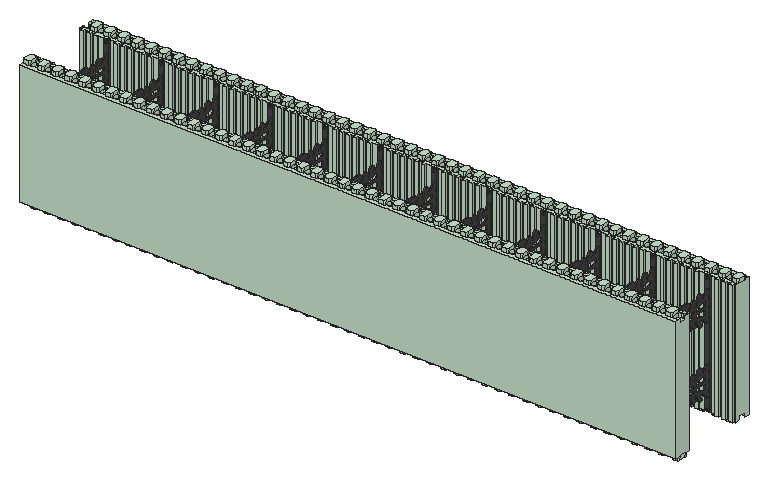
Revit family (continued)
Forms (mm)
  Extrusion 107, void
    sketch origin (508, 0.026, 0) x (-1, 0, 0) y (0, -1, 0)
      loop
        line (50.8, 151.814) -> (50.8, 175.211)
        arc (50.8, 175.211) -> (49.585, 178.947) -> (46.404, 181.253) r 6.35
        arc (46.404, 181.253) -> (38.1, 182.563) -> (29.796, 181.253) r 26.987
        arc (29.796, 181.253) -> (26.615, 178.947) -> (25.4, 175.211) r 6.35
    from 0 to 12.7
  Extrusion 108, void
    sketch origin (558.8, 0.026, 0) x (-1, 0, 0) y (0, -1, 0)
      loop
        line (25.4, 175.211) -> (25.4, 151.814)
        arc (25.4, 151.814) -> (26.615, 148.078) -> (29.796, 145.772) r 6.35
        arc (29.796, 145.772) -> (36.091, 144.537) -> (42.5, 144.824) r 26.988
        arc (42.5, 144.824) -> (43.786, 144.468) -> (44.346, 143.257) r 1.587
        line (44.346, 143.257) -> (44.346, 137.629) -> (48.685, 137.629) -> (48.685, 146.42)
        arc (48.685, 146.42) -> (48.795, 146.999) -> (49.108, 147.498) r 1.588
        arc (49.108, 147.498) -> (50.362, 149.496) -> (50.8, 151.814) r 6.35
        line (50.8, 151.814) -> (50.8, 175.211)
        arc (50.8, 175.211) -> (49.585, 178.947) -> (46.404, 181.253) r 6.35
        arc (46.404, 181.253) -> (38.1, 182.563) -> (29.796, 181.253) r 26.987
        arc (29.796, 181.253) -> (26.615, 178.947) -> (25.4, 175.211) r 6.35
    from 0 to 12.7
  Extrusion 109, void
    sketch origin (609.6, 0.026, 0) x (-1, 0, 0) y (0, -1, 0)
      loop
        line (25.4, 175.211) -> (25.4, 151.814)
        arc (25.4, 151.814) -> (26.615, 148.078) -> (29.796, 145.772) r 6.35
        arc (29.796, 145.772) -> (36.091, 144.537) -> (42.5, 144.824) r 26.988
        arc (42.5, 144.824) -> (43.786, 144.468) -> (44.346, 143.257) r 1.587
        line (44.346, 143.257) -> (44.346, 137.629) -> (48.685, 137.629) -> (48.685, 146.42)
        arc (48.685, 146.42) -> (48.795, 146.999) -> (49.108, 147.498) r 1.588
        arc (49.108, 147.498) -> (50.362, 149.496) -> (50.8, 151.814) r 6.35
        line (50.8, 151.814) -> (50.8, 175.211)
        arc (50.8, 175.211) -> (49.585, 178.947) -> (46.404, 181.253) r 6.35
        arc (46.404, 181.253) -> (38.1, 182.563) -> (29.796, 181.253) r 26.987
        arc (29.796, 181.253) -> (26.615, 178.947) -> (25.4, 175.211) r 6.35
    from 0 to 12.7
  Extrusion 110, void
    sketch origin (660.4, 0.026, 0) x (-1, 0, 0) y (0, -1, 0)
      loop
        line (25.4, 175.211) -> (25.4, 151.814)
        arc (25.4, 151.814) -> (26.615, 148.078) -> (29.796, 145.772) r 6.35
        arc (29.796, 145.772) -> (36.091, 144.537) -> (42.5, 144.824) r 26.988
        arc (42.5, 144.824) -> (43.786, 144.468) -> (44.346, 143.257) r 1.587
        line (44.346, 143.257) -> (44.346, 137.629) -> (48.685, 137.629) -> (48.685, 146.42)
        arc (48.685, 146.42) -> (48.795, 146.999) -> (49.108, 147.498) r 1.588
        arc (49.108, 147.498) -> (50.362, 149.496) -> (50.8, 151.814) r 6.35
        line (50.8, 151.814) -> (50.8, 175.211)
        arc (50.8, 175.211) -> (49.585, 178.947) -> (46.404, 181.253) r 6.35
        arc (46.404, 181.253) -> (38.1, 182.563) -> (29.796, 181.253) r 26.987
        arc (29.796, 181.253) -> (26.615, 178.947) -> (25.4, 175.211) r 6.35
    from 0 to 12.7
  Extrusion 111, void
    sketch origin (711.2, 0.026, 0) x (-1, 0, 0) y (0, -1, 0)
      loop
        line (25.4, 175.211) -> (25.4, 151.814)
        arc (25.4, 151.814) -> (26.615, 148.078) -> (29.796, 145.772) r 6.35
        arc (29.796, 145.772) -> (36.091, 144.537) -> (42.5, 144.824) r 26.988
        arc (42.5, 144.824) -> (43.786, 144.468) -> (44.346, 143.257) r 1.587
        line (44.346, 143.257) -> (44.346, 137.629) -> (48.685, 137.629) -> (48.685, 146.42)
        arc (48.685, 146.42) -> (48.795, 146.999) -> (49.108, 147.498) r 1.588
        arc (49.108, 147.498) -> (50.362, 149.496) -> (50.8, 151.814) r 6.35
        line (50.8, 151.814) -> (50.8, 175.211)
        arc (50.8, 175.211) -> (49.585, 178.947) -> (46.404, 181.253) r 6.35
        arc (46.404, 181.253) -> (38.1, 182.563) -> (29.796, 181.253) r 26.987
        arc (29.796, 181.253) -> (26.615, 178.947) -> (25.4, 175.211) r 6.35
    from 0 to 12.7
  Extrusion 112, void
    sketch origin (762, 0.026, 0) x (-1, 0, 0) y (0, -1, 0)
      loop
        line (25.4, 175.211) -> (25.4, 151.814)
        arc (25.4, 151.814) -> (26.615, 148.078) -> (29.796, 145.772) r 6.35
        arc (29.796, 145.772) -> (36.091, 144.537) -> (42.5, 144.824) r 26.988
        arc (42.5, 144.824) -> (43.786, 144.468) -> (44.346, 143.257) r 1.587
        line (44.346, 143.257) -> (44.346, 137.629) -> (48.685, 137.629) -> (48.685, 146.42)
        arc (48.685, 146.42) -> (48.795, 146.999) -> (49.108, 147.498) r 1.588
        arc (49.108, 147.498) -> (50.362, 149.496) -> (50.8, 151.814) r 6.35
        line (50.8, 151.814) -> (50.8, 175.211)
        arc (50.8, 175.211) -> (49.585, 178.947) -> (46.404, 181.253) r 6.35
        arc (46.404, 181.253) -> (38.1, 182.563) -> (29.796, 181.253) r 26.987
        arc (29.796, 181.253) -> (26.615, 178.947) -> (25.4, 175.211) r 6.35
    from 0 to 12.7
  Extrusion 113, void
    sketch origin (812.8, 0.026, 0) x (-1, 0, 0) y (0, -1, 0)
      loop
        line (25.4, 175.211) -> (25.4, 151.814)
        arc (25.4, 151.814) -> (26.615, 148.078) -> (29.796, 145.772) r 6.35
        arc (29.796, 145.772) -> (36.091, 144.537) -> (42.5, 144.824) r 26.988
        arc (42.5, 144.824) -> (43.786, 144.468) -> (44.346, 143.257) r 1.587
        line (44.346, 143.257) -> (44.346, 137.629) -> (48.685, 137.629) -> (48.685, 146.42)
        arc (48.685, 146.42) -> (48.795, 146.999) -> (49.108, 147.498) r 1.588
        arc (49.108, 147.498) -> (50.362, 149.496) -> (50.8, 151.814) r 6.35
        line (50.8, 151.814) -> (50.8, 175.211)
        arc (50.8, 175.211) -> (49.585, 178.947) -> (46.404, 181.253) r 6.35
        arc (46.404, 181.253) -> (38.1, 182.563) -> (29.796, 181.253) r 26.987
        arc (29.796, 181.253) -> (26.615, 178.947) -> (25.4, 175.211) r 6.35
    from 0 to 12.7
  Extrusion 114, void
    sketch origin (863.6, 0.026, 0) x (-1, 0, 0) y (0, -1, 0)
      loop
        line (25.4, 175.211) -> (25.4, 151.814)
        arc (25.4, 151.814) -> (26.615, 148.078) -> (29.796, 145.772) r 6.35
        arc (29.796, 145.772) -> (36.091, 144.537) -> (42.5, 144.824) r 26.988
        arc (42.5, 144.824) -> (43.786, 144.468) -> (44.346, 143.257) r 1.587
        line (44.346, 143.257) -> (44.346, 137.629) -> (48.685, 137.629) -> (48.685, 146.42)
        arc (48.685, 146.42) -> (48.795, 146.999) -> (49.108, 147.498) r 1.588
        arc (49.108, 147.498) -> (50.362, 149.496) -> (50.8, 151.814) r 6.35
        line (50.8, 151.814) -> (50.8, 175.211)
        arc (50.8, 175.211) -> (49.585, 178.947) -> (46.404, 181.253) r 6.35
        arc (46.404, 181.253) -> (38.1, 182.563) -> (29.796, 181.253) r 26.987
        arc (29.796, 181.253) -> (26.615, 178.947) -> (25.4, 175.211) r 6.35
    from 0 to 12.7
  Extrusion 115, void
    sketch origin (914.4, 0.026, 0) x (-1, 0, 0) y (0, -1, 0)
      loop
        line (25.4, 175.211) -> (25.4, 151.814)
        arc (25.4, 151.814) -> (26.615, 148.078) -> (29.796, 145.772) r 6.35
        arc (29.796, 145.772) -> (36.091, 144.537) -> (42.5, 144.824) r 26.988
        arc (42.5, 144.824) -> (43.786, 144.468) -> (44.346, 143.257) r 1.587
        line (44.346, 143.257) -> (44.346, 137.629) -> (48.685, 137.629) -> (48.685, 146.42)
        arc (48.685, 146.42) -> (48.795, 146.999) -> (49.108, 147.498) r 1.588
        arc (49.108, 147.498) -> (50.362, 149.496) -> (50.8, 151.814) r 6.35
        line (50.8, 151.814) -> (50.8, 175.211)
        arc (50.8, 175.211) -> (49.585, 178.947) -> (46.404, 181.253) r 6.35
        arc (46.404, 181.253) -> (38.1, 182.563) -> (29.796, 181.253) r 26.987
        arc (29.796, 181.253) -> (26.615, 178.947) -> (25.4, 175.211) r 6.35
    from 0 to 12.7
  Extrusion 116, void
    sketch origin (965.2, 0.026, 0) x (-1, 0, 0) y (0, -1, 0)
      loop
        line (25.4, 175.211) -> (25.4, 151.814)
        arc (25.4, 151.814) -> (26.615, 148.078) -> (29.796, 145.772) r 6.35
        arc (29.796, 145.772) -> (36.091, 144.537) -> (42.5, 144.824) r 26.988
        arc (42.5, 144.824) -> (43.786, 144.468) -> (44.346, 143.257) r 1.587
        line (44.346, 143.257) -> (44.346, 137.629) -> (48.685, 137.629) -> (48.685, 146.42)
        arc (48.685, 146.42) -> (48.795, 146.999) -> (49.108, 147.498) r 1.588
        arc (49.108, 147.498) -> (50.362, 149.496) -> (50.8, 151.814) r 6.35
        line (50.8, 151.814) -> (50.8, 175.211)
        arc (50.8, 175.211) -> (49.585, 178.947) -> (46.404, 181.253) r 6.35
        arc (46.404, 181.253) -> (38.1, 182.563) -> (29.796, 181.253) r 26.987
        arc (29.796, 181.253) -> (26.615, 178.947) -> (25.4, 175.211) r 6.35
    from 0 to 12.7
  Extrusion 117, void
    sketch origin (1016, 0.026, 0) x (-1, 0, 0) y (0, -1, 0)
      loop
        line (25.4, 175.211) -> (25.4, 151.814)
        arc (25.4, 151.814) -> (26.615, 148.078) -> (29.796, 145.772) r 6.35
        arc (29.796, 145.772) -> (36.091, 144.537) -> (42.5, 144.824) r 26.988
        arc (42.5, 144.824) -> (43.786, 144.468) -> (44.346, 143.257) r 1.587
        line (44.346, 143.257) -> (44.346, 137.629) -> (48.685, 137.629) -> (48.685, 146.42)
        arc (48.685, 146.42) -> (48.795, 146.999) -> (49.108, 147.498) r 1.588
        arc (49.108, 147.498) -> (50.362, 149.496) -> (50.8, 151.814) r 6.35
        line (50.8, 151.814) -> (50.8, 175.211)
        arc (50.8, 175.211) -> (49.585, 178.947) -> (46.404, 181.253) r 6.35
        arc (46.404, 181.253) -> (38.1, 182.563) -> (29.796, 181.253) r 26.987
        arc (29.796, 181.253) -> (26.615, 178.947) -> (25.4, 175.211) r 6.35
    from 0 to 12.7
  Extrusion 118, void
    sketch origin (1066.8, 0.026, 0) x (-1, 0, 0) y (0, -1, 0)
      loop
        line (25.4, 175.211) -> (25.4, 151.814)
        arc (25.4, 151.814) -> (26.615, 148.078) -> (29.796, 145.772) r 6.35
        arc (29.796, 145.772) -> (36.091, 144.537) -> (42.5, 144.824) r 26.988
        arc (42.5, 144.824) -> (43.786, 144.468) -> (44.346, 143.257) r 1.587
        line (44.346, 143.257) -> (44.346, 137.629) -> (48.685, 137.629) -> (48.685, 146.42)
        arc (48.685, 146.42) -> (48.795, 146.999) -> (49.108, 147.498) r 1.588
        arc (49.108, 147.498) -> (50.362, 149.496) -> (50.8, 151.814) r 6.35
        line (50.8, 151.814) -> (50.8, 175.211)
        arc (50.8, 175.211) -> (49.585, 178.947) -> (46.404, 181.253) r 6.35
        arc (46.404, 181.253) -> (38.1, 182.563) -> (29.796, 181.253) r 26.987
        arc (29.796, 181.253) -> (26.615, 178.947) -> (25.4, 175.211) r 6.35
    from 0 to 12.7
  Extrusion 119, void
    sketch origin (1117.6, 0.026, 0) x (-1, 0, 0) y (0, -1, 0)
      loop
        line (25.4, 175.211) -> (25.4, 151.814)
        arc (25.4, 151.814) -> (26.615, 148.078) -> (29.796, 145.772) r 6.35
        arc (29.796, 145.772) -> (36.091, 144.537) -> (42.5, 144.824) r 26.988
        arc (42.5, 144.824) -> (43.786, 144.468) -> (44.346, 143.257) r 1.587
        line (44.346, 143.257) -> (44.346, 137.629) -> (48.685, 137.629) -> (48.685, 146.42)
        arc (48.685, 146.42) -> (48.795, 146.999) -> (49.108, 147.498) r 1.588
        arc (49.108, 147.498) -> (50.362, 149.496) -> (50.8, 151.814) r 6.35
        line (50.8, 151.814) -> (50.8, 175.211)
        arc (50.8, 175.211) -> (49.585, 178.947) -> (46.404, 181.253) r 6.35
        arc (46.404, 181.253) -> (38.1, 182.563) -> (29.796, 181.253) r 26.987
        arc (29.796, 181.253) -> (26.615, 178.947) -> (25.4, 175.211) r 6.35
    from 0 to 12.7
  Extrusion 120, void
    sketch origin (1168.4, 0.026, 0) x (-1, 0, 0) y (0, -1, 0)
      loop
        line (25.4, 175.211) -> (25.4, 151.814)
        arc (25.4, 151.814) -> (26.615, 148.078) -> (29.796, 145.772) r 6.35
        arc (29.796, 145.772) -> (36.091, 144.537) -> (42.5, 144.824) r 26.988
        arc (42.5, 144.824) -> (43.786, 144.468) -> (44.346, 143.257) r 1.587
        line (44.346, 143.257) -> (44.346, 137.629) -> (48.685, 137.629) -> (48.685, 146.42)
        arc (48.685, 146.42) -> (48.795, 146.999) -> (49.108, 147.498) r 1.588
        arc (49.108, 147.498) -> (50.362, 149.496) -> (50.8, 151.814) r 6.35
        line (50.8, 151.814) -> (50.8, 175.211)
        arc (50.8, 175.211) -> (49.585, 178.947) -> (46.404, 181.253) r 6.35
        arc (46.404, 181.253) -> (38.1, 182.563) -> (29.796, 181.253) r 26.987
        arc (29.796, 181.253) -> (26.615, 178.947) -> (25.4, 175.211) r 6.35
    from 0 to 12.7
  Extrusion 121, void
    sketch origin (1219.2, 0.026, 0) x (-1, 0, 0) y (0, -1, 0)
      loop
        line (25.4, 175.211) -> (25.4, 151.814)
        arc (25.4, 151.814) -> (26.615, 148.078) -> (29.796, 145.772) r 6.35
        arc (29.796, 145.772) -> (36.091, 144.537) -> (42.5, 144.824) r 26.988
        arc (42.5, 144.824) -> (43.786, 144.468) -> (44.346, 143.257) r 1.587
        line (44.346, 143.257) -> (44.346, 137.629) -> (48.685, 137.629) -> (48.685, 146.42)
        arc (48.685, 146.42) -> (48.795, 146.999) -> (49.108, 147.498) r 1.588
        arc (49.108, 147.498) -> (50.362, 149.496) -> (50.8, 151.814) r 6.35
        line (50.8, 151.814) -> (50.8, 175.211)
        arc (50.8, 175.211) -> (49.585, 178.947) -> (46.404, 181.253) r 6.35
        arc (46.404, 181.253) -> (38.1, 182.563) -> (29.796, 181.253) r 26.987
        arc (29.796, 181.253) -> (26.615, 178.947) -> (25.4, 175.211) r 6.35
    from 0 to 12.7
  Extrusion 122, void
    sketch origin (1270, 0.026, 0) x (-1, 0, 0) y (0, -1, 0)
      loop
        line (25.4, 175.211) -> (25.4, 151.814)
        arc (25.4, 151.814) -> (26.615, 148.078) -> (29.796, 145.772) r 6.35
        arc (29.796, 145.772) -> (36.091, 144.537) -> (42.5, 144.824) r 26.988
        arc (42.5, 144.824) -> (43.786, 144.468) -> (44.346, 143.257) r 1.587
        line (44.346, 143.257) -> (44.346, 137.629) -> (48.685, 137.629) -> (48.685, 146.42)
        arc (48.685, 146.42) -> (48.795, 146.999) -> (49.108, 147.498) r 1.588
        arc (49.108, 147.498) -> (50.362, 149.496) -> (50.8, 151.814) r 6.35
        line (50.8, 151.814) -> (50.8, 175.211)
        arc (50.8, 175.211) -> (49.585, 178.947) -> (46.404, 181.253) r 6.35
        arc (46.404, 181.253) -> (38.1, 182.563) -> (29.796, 181.253) r 26.987
        arc (29.796, 181.253) -> (26.615, 178.947) -> (25.4, 175.211) r 6.35
    from 0 to 12.7
  Extrusion 123, void
    sketch origin (1320.8, 0.026, 0) x (-1, 0, 0) y (0, -1, 0)
      loop
        line (25.4, 175.211) -> (25.4, 151.814)
        arc (25.4, 151.814) -> (26.615, 148.078) -> (29.796, 145.772) r 6.35
        arc (29.796, 145.772) -> (36.091, 144.537) -> (42.5, 144.824) r 26.988
        arc (42.5, 144.824) -> (43.786, 144.468) -> (44.346, 143.257) r 1.587
        line (44.346, 143.257) -> (44.346, 137.629) -> (48.685, 137.629) -> (48.685, 146.42)
        arc (48.685, 146.42) -> (48.795, 146.999) -> (49.108, 147.498) r 1.588
        arc (49.108, 147.498) -> (50.362, 149.496) -> (50.8, 151.814) r 6.35
        line (50.8, 151.814) -> (50.8, 175.211)
        arc (50.8, 175.211) -> (49.585, 178.947) -> (46.404, 181.253) r 6.35
        arc (46.404, 181.253) -> (38.1, 182.563) -> (29.796, 181.253) r 26.987
        arc (29.796, 181.253) -> (26.615, 178.947) -> (25.4, 175.211) r 6.35
    from 0 to 12.7
  Extrusion 124, void
    sketch origin (1371.6, 0.026, 0) x (-1, 0, 0) y (0, -1, 0)
      loop
        line (25.4, 175.211) -> (25.4, 151.814)
        arc (25.4, 151.814) -> (26.615, 148.078) -> (29.796, 145.772) r 6.35
        arc (29.796, 145.772) -> (36.091, 144.537) -> (42.5, 144.824) r 26.988
        arc (42.5, 144.824) -> (43.786, 144.468) -> (44.346, 143.257) r 1.587
        line (44.346, 143.257) -> (44.346, 137.629) -> (48.685, 137.629) -> (48.685, 146.42)
        arc (48.685, 146.42) -> (48.795, 146.999) -> (49.108, 147.498) r 1.588
        arc (49.108, 147.498) -> (50.362, 149.496) -> (50.8, 151.814) r 6.35
        line (50.8, 151.814) -> (50.8, 175.211)
        arc (50.8, 175.211) -> (49.585, 178.947) -> (46.404, 181.253) r 6.35
        arc (46.404, 181.253) -> (38.1, 182.563) -> (29.796, 181.253) r 26.987
        arc (29.796, 181.253) -> (26.615, 178.947) -> (25.4, 175.211) r 6.35
    from 0 to 12.7
  Extrusion 125, void
    sketch origin (1422.4, 0.026, 0) x (-1, 0, 0) y (0, -1, 0)
      loop
        line (25.4, 175.211) -> (25.4, 151.814)
        arc (25.4, 151.814) -> (26.615, 148.078) -> (29.796, 145.772) r 6.35
        arc (29.796, 145.772) -> (36.091, 144.537) -> (42.5, 144.824) r 26.988
        arc (42.5, 144.824) -> (43.786, 144.468) -> (44.346, 143.257) r 1.587
        line (44.346, 143.257) -> (44.346, 137.629) -> (48.685, 137.629) -> (48.685, 146.42)
        arc (48.685, 146.42) -> (48.795, 146.999) -> (49.108, 147.498) r 1.588
        arc (49.108, 147.498) -> (50.362, 149.496) -> (50.8, 151.814) r 6.35
        line (50.8, 151.814) -> (50.8, 175.211)
        arc (50.8, 175.211) -> (49.585, 178.947) -> (46.404, 181.253) r 6.35
        arc (46.404, 181.253) -> (38.1, 182.563) -> (29.796, 181.253) r 26.987
        arc (29.796, 181.253) -> (26.615, 178.947) -> (25.4, 175.211) r 6.35
    from 0 to 12.7
  Extrusion 126, void
    sketch origin (1473.2, 0.026, 0) x (-1, 0, 0) y (0, -1, 0)
      loop
        line (25.4, 175.211) -> (25.4, 151.814)
        arc (25.4, 151.814) -> (26.615, 148.078) -> (29.796, 145.772) r 6.35
        arc (29.796, 145.772) -> (36.091, 144.537) -> (42.5, 144.824) r 26.988
        arc (42.5, 144.824) -> (43.786, 144.468) -> (44.346, 143.257) r 1.587
        line (44.346, 143.257) -> (44.346, 137.629) -> (48.685, 137.629) -> (48.685, 146.42)
        arc (48.685, 146.42) -> (48.795, 146.999) -> (49.108, 147.498) r 1.588
        arc (49.108, 147.498) -> (50.362, 149.496) -> (50.8, 151.814) r 6.35
        line (50.8, 151.814) -> (50.8, 175.211)
        arc (50.8, 175.211) -> (49.585, 178.947) -> (46.404, 181.253) r 6.35
        arc (46.404, 181.253) -> (38.1, 182.563) -> (29.796, 181.253) r 26.987
        arc (29.796, 181.253) -> (26.615, 178.947) -> (25.4, 175.211) r 6.35
    from 0 to 12.7
  Extrusion 127, void
    sketch origin (1524, 0.026, 0) x (-1, 0, 0) y (0, -1, 0)
      loop
        line (25.4, 175.211) -> (25.4, 151.814)
        arc (25.4, 151.814) -> (26.615, 148.078) -> (29.796, 145.772) r 6.35
        arc (29.796, 145.772) -> (36.091, 144.537) -> (42.5, 144.824) r 26.988
        arc (42.5, 144.824) -> (43.786, 144.468) -> (44.346, 143.257) r 1.587
        line (44.346, 143.257) -> (44.346, 137.629) -> (48.685, 137.629) -> (48.685, 146.42)
        arc (48.685, 146.42) -> (48.795, 146.999) -> (49.108, 147.498) r 1.588
        arc (49.108, 147.498) -> (50.362, 149.496) -> (50.8, 151.814) r 6.35
        line (50.8, 151.814) -> (50.8, 175.211)
        arc (50.8, 175.211) -> (49.585, 178.947) -> (46.404, 181.253) r 6.35
        arc (46.404, 181.253) -> (38.1, 182.563) -> (29.796, 181.253) r 26.987
        arc (29.796, 181.253) -> (26.615, 178.947) -> (25.4, 175.211) r 6.35
    from 0 to 12.7
  Extrusion 128, void
    sketch origin (1574.8, 0.026, 0) x (-1, 0, 0) y (0, -1, 0)
      loop
        line (25.4, 175.211) -> (25.4, 151.814)
        arc (25.4, 151.814) -> (26.615, 148.078) -> (29.796, 145.772) r 6.35
        arc (29.796, 145.772) -> (36.091, 144.537) -> (42.5, 144.824) r 26.988
        arc (42.5, 144.824) -> (43.786, 144.468) -> (44.346, 143.257) r 1.587
        line (44.346, 143.257) -> (44.346, 137.629) -> (48.685, 137.629) -> (48.685, 146.42)
        arc (48.685, 146.42) -> (48.795, 146.999) -> (49.108, 147.498) r 1.588
        arc (49.108, 147.498) -> (50.362, 149.496) -> (50.8, 151.814) r 6.35
        line (50.8, 151.814) -> (50.8, 175.211)
        arc (50.8, 175.211) -> (49.585, 178.947) -> (46.404, 181.253) r 6.35
        arc (46.404, 181.253) -> (38.1, 182.563) -> (29.796, 181.253) r 26.987
        arc (29.796, 181.253) -> (26.615, 178.947) -> (25.4, 175.211) r 6.35
    from 0 to 12.7
  Extrusion 129, void
    sketch origin (1625.6, 0.026, 0) x (-1, 0, 0) y (0, -1, 0)
      loop
        line (25.4, 175.211) -> (25.4, 151.814)
        arc (25.4, 151.814) -> (26.615, 148.078) -> (29.796, 145.772) r 6.35
        arc (29.796, 145.772) -> (36.091, 144.537) -> (42.5, 144.824) r 26.988
        arc (42.5, 144.824) -> (43.786, 144.468) -> (44.346, 143.257) r 1.587
        line (44.346, 143.257) -> (44.346, 137.629) -> (48.685, 137.629) -> (48.685, 146.42)
        arc (48.685, 146.42) -> (48.795, 146.999) -> (49.108, 147.498) r 1.588
        arc (49.108, 147.498) -> (50.362, 149.496) -> (50.8, 151.814) r 6.35
        line (50.8, 151.814) -> (50.8, 175.211)
        arc (50.8, 175.211) -> (49.585, 178.947) -> (46.404, 181.253) r 6.35
        arc (46.404, 181.253) -> (38.1, 182.563) -> (29.796, 181.253) r 26.987
        arc (29.796, 181.253) -> (26.615, 178.947) -> (25.4, 175.211) r 6.35
    from 0 to 12.7
  Extrusion 130, void
    sketch origin (1676.4, 0.026, 0) x (-1, 0, 0) y (0, -1, 0)
      loop
        line (25.4, 175.211) -> (25.4, 151.814)
        arc (25.4, 151.814) -> (26.615, 148.078) -> (29.796, 145.772) r 6.35
        arc (29.796, 145.772) -> (36.091, 144.537) -> (42.5, 144.824) r 26.988
        arc (42.5, 144.824) -> (43.786, 144.468) -> (44.346, 143.257) r 1.587
        line (44.346, 143.257) -> (44.346, 137.629) -> (48.685, 137.629) -> (48.685, 146.42)
        arc (48.685, 146.42) -> (48.795, 146.999) -> (49.108, 147.498) r 1.588
        arc (49.108, 147.498) -> (50.362, 149.496) -> (50.8, 151.814) r 6.35
        line (50.8, 151.814) -> (50.8, 175.211)
        arc (50.8, 175.211) -> (49.585, 178.947) -> (46.404, 181.253) r 6.35
        arc (46.404, 181.253) -> (38.1, 182.563) -> (29.796, 181.253) r 26.987
        arc (29.796, 181.253) -> (26.615, 178.947) -> (25.4, 175.211) r 6.35
    from 0 to 12.7
  Extrusion 131, void
    sketch origin (1727.2, 0.026, 0) x (-1, 0, 0) y (0, -1, 0)
      loop
        line (25.4, 175.211) -> (25.4, 151.814)
        arc (25.4, 151.814) -> (26.615, 148.078) -> (29.796, 145.772) r 6.35
        arc (29.796, 145.772) -> (36.091, 144.537) -> (42.5, 144.824) r 26.988
        arc (42.5, 144.824) -> (43.786, 144.468) -> (44.346, 143.257) r 1.587
        line (44.346, 143.257) -> (44.346, 137.629) -> (48.685, 137.629) -> (48.685, 146.42)
        arc (48.685, 146.42) -> (48.795, 146.999) -> (49.108, 147.498) r 1.588
        arc (49.108, 147.498) -> (50.362, 149.496) -> (50.8, 151.814) r 6.35
        line (50.8, 151.814) -> (50.8, 175.211)
        arc (50.8, 175.211) -> (49.585, 178.947) -> (46.404, 181.253) r 6.35
        arc (46.404, 181.253) -> (38.1, 182.563) -> (29.796, 181.253) r 26.987
        arc (29.796, 181.253) -> (26.615, 178.947) -> (25.4, 175.211) r 6.35
    from 0 to 12.7
  Extrusion 132, void
    sketch origin (1778, 0.026, 0) x (-1, 0, 0) y (0, -1, 0)
      loop
        line (25.4, 175.211) -> (25.4, 151.814)
        arc (25.4, 151.814) -> (26.615, 148.078) -> (29.796, 145.772) r 6.35
        arc (29.796, 145.772) -> (36.091, 144.537) -> (42.5, 144.824) r 26.988
        arc (42.5, 144.824) -> (43.786, 144.468) -> (44.346, 143.257) r 1.587
        line (44.346, 143.257) -> (44.346, 137.629) -> (48.685, 137.629) -> (48.685, 146.42)
        arc (48.685, 146.42) -> (48.795, 146.999) -> (49.108, 147.498) r 1.588
        arc (49.108, 147.498) -> (50.362, 149.496) -> (50.8, 151.814) r 6.35
        line (50.8, 151.814) -> (50.8, 175.211)
        arc (50.8, 175.211) -> (49.585, 178.947) -> (46.404, 181.253) r 6.35
        arc (46.404, 181.253) -> (38.1, 182.563) -> (29.796, 181.253) r 26.987
        arc (29.796, 181.253) -> (26.615, 178.947) -> (25.4, 175.211) r 6.35
    from 0 to 12.7
  Extrusion 133, void
    sketch origin (1828.8, 0.026, 0) x (-1, 0, 0) y (0, -1, 0)
      loop
        line (25.4, 175.211) -> (25.4, 151.814)
        arc (25.4, 151.814) -> (26.615, 148.078) -> (29.796, 145.772) r 6.35
        arc (29.796, 145.772) -> (36.091, 144.537) -> (42.5, 144.824) r 26.988
        arc (42.5, 144.824) -> (43.786, 144.468) -> (44.346, 143.257) r 1.587
        line (44.346, 143.257) -> (44.346, 137.629) -> (48.685, 137.629) -> (48.685, 146.42)
        arc (48.685, 146.42) -> (48.795, 146.999) -> (49.108, 147.498) r 1.588
        arc (49.108, 147.498) -> (50.362, 149.496) -> (50.8, 151.814) r 6.35
        line (50.8, 151.814) -> (50.8, 175.211)
        arc (50.8, 175.211) -> (49.585, 178.947) -> (46.404, 181.253) r 6.35
        arc (46.404, 181.253) -> (38.1, 182.563) -> (29.796, 181.253) r 26.987
        arc (29.796, 181.253) -> (26.615, 178.947) -> (25.4, 175.211) r 6.35
    from 0 to 12.7
  Extrusion 134, void
    sketch origin (1879.6, 0.026, 0) x (-1, 0, 0) y (0, -1, 0)
      loop
        line (25.4, 175.211) -> (25.4, 151.814)
        arc (25.4, 151.814) -> (26.615, 148.078) -> (29.796, 145.772) r 6.35
        arc (29.796, 145.772) -> (36.091, 144.537) -> (42.5, 144.824) r 26.988
        arc (42.5, 144.824) -> (43.786, 144.468) -> (44.346, 143.257) r 1.587
        line (44.346, 143.257) -> (44.346, 137.629) -> (48.685, 137.629) -> (48.685, 146.42)
        arc (48.685, 146.42) -> (48.795, 146.999) -> (49.108, 147.498) r 1.588
        arc (49.108, 147.498) -> (50.362, 149.496) -> (50.8, 151.814) r 6.35
        line (50.8, 151.814) -> (50.8, 175.211)
        arc (50.8, 175.211) -> (49.585, 178.947) -> (46.404, 181.253) r 6.35
        arc (46.404, 181.253) -> (38.1, 182.563) -> (29.796, 181.253) r 26.987
        arc (29.796, 181.253) -> (26.615, 178.947) -> (25.4, 175.211) r 6.35
    from 0 to 12.7
  Extrusion 135, void
    sketch origin (1930.4, 0.026, 0) x (-1, 0, 0) y (0, -1, 0)
      loop
        line (25.4, 175.211) -> (25.4, 151.814)
        arc (25.4, 151.814) -> (26.615, 148.078) -> (29.796, 145.772) r 6.35
        arc (29.796, 145.772) -> (36.091, 144.537) -> (42.5, 144.824) r 26.988
        arc (42.5, 144.824) -> (43.786, 144.468) -> (44.346, 143.257) r 1.587
        line (44.346, 143.257) -> (44.346, 137.629) -> (48.685, 137.629) -> (48.685, 146.42)
        arc (48.685, 146.42) -> (48.795, 146.999) -> (49.108, 147.498) r 1.588
        arc (49.108, 147.498) -> (50.362, 149.496) -> (50.8, 151.814) r 6.35
        line (50.8, 151.814) -> (50.8, 175.211)
        arc (50.8, 175.211) -> (49.585, 178.947) -> (46.404, 181.253) r 6.35
        arc (46.404, 181.253) -> (38.1, 182.563) -> (29.796, 181.253) r 26.987
        arc (29.796, 181.253) -> (26.615, 178.947) -> (25.4, 175.211) r 6.35
    from 0 to 12.7
  Extrusion 136, void
    sketch origin (1981.2, 0.026, 0) x (-1, 0, 0) y (0, -1, 0)
      loop
        line (25.4, 175.211) -> (25.4, 151.814)
        arc (25.4, 151.814) -> (26.615, 148.078) -> (29.796, 145.772) r 6.35
        arc (29.796, 145.772) -> (36.091, 144.537) -> (42.5, 144.824) r 26.988
        arc (42.5, 144.824) -> (43.786, 144.468) -> (44.346, 143.257) r 1.587
        line (44.346, 143.257) -> (44.346, 137.629) -> (48.685, 137.629) -> (48.685, 146.42)
        arc (48.685, 146.42) -> (48.795, 146.999) -> (49.108, 147.498) r 1.588
        arc (49.108, 147.498) -> (50.362, 149.496) -> (50.8, 151.814) r 6.35
        line (50.8, 151.814) -> (50.8, 175.211)
        arc (50.8, 175.211) -> (49.585, 178.947) -> (46.404, 181.253) r 6.35
        arc (46.404, 181.253) -> (38.1, 182.563) -> (29.796, 181.253) r 26.987
        arc (29.796, 181.253) -> (26.615, 178.947) -> (25.4, 175.211) r 6.35
    from 0 to 12.7
  Extrusion 137, void
    sketch origin (2032, 0.026, 0) x (-1, 0, 0) y (0, -1, 0)
      loop
        line (25.4, 175.211) -> (25.4, 151.814)
        arc (25.4, 151.814) -> (26.615, 148.078) -> (29.796, 145.772) r 6.35
        arc (29.796, 145.772) -> (36.091, 144.537) -> (42.5, 144.824) r 26.988
        arc (42.5, 144.824) -> (43.786, 144.468) -> (44.346, 143.257) r 1.587
        line (44.346, 143.257) -> (44.346, 137.629) -> (48.685, 137.629) -> (48.685, 146.42)
        arc (48.685, 146.42) -> (48.795, 146.999) -> (49.108, 147.498) r 1.588
        arc (49.108, 147.498) -> (50.362, 149.496) -> (50.8, 151.814) r 6.35
        line (50.8, 151.814) -> (50.8, 175.211)
        arc (50.8, 175.211) -> (49.585, 178.947) -> (46.404, 181.253) r 6.35
        arc (46.404, 181.253) -> (38.1, 182.563) -> (29.796, 181.253) r 26.987
        arc (29.796, 181.253) -> (26.615, 178.947) -> (25.4, 175.211) r 6.35
    from 0 to 12.7
  Extrusion 138, void
    sketch origin (2082.8, 0.026, 0) x (-1, 0, 0) y (0, -1, 0)
      loop
        line (25.4, 175.211) -> (25.4, 151.814)
        arc (25.4, 151.814) -> (26.615, 148.078) -> (29.796, 145.772) r 6.35
        arc (29.796, 145.772) -> (36.091, 144.537) -> (42.5, 144.824) r 26.988
        arc (42.5, 144.824) -> (43.786, 144.468) -> (44.346, 143.257) r 1.587
        line (44.346, 143.257) -> (44.346, 137.629) -> (48.685, 137.629) -> (48.685, 146.42)
        arc (48.685, 146.42) -> (48.795, 146.999) -> (49.108, 147.498) r 1.588
        arc (49.108, 147.498) -> (50.362, 149.496) -> (50.8, 151.814) r 6.35
        line (50.8, 151.814) -> (50.8, 175.211)
        arc (50.8, 175.211) -> (49.585, 178.947) -> (46.404, 181.253) r 6.35
        arc (46.404, 181.253) -> (38.1, 182.563) -> (29.796, 181.253) r 26.987
        arc (29.796, 181.253) -> (26.615, 178.947) -> (25.4, 175.211) r 6.35
    from 0 to 12.7
  Extrusion 139, void
    sketch origin (2133.6, 0.026, 0) x (-1, 0, 0) y (0, -1, 0)
      loop
        line (25.4, 175.211) -> (25.4, 151.814)
        arc (25.4, 151.814) -> (26.615, 148.078) -> (29.796, 145.772) r 6.35
        arc (29.796, 145.772) -> (36.091, 144.537) -> (42.5, 144.824) r 26.988
        arc (42.5, 144.824) -> (43.786, 144.468) -> (44.346, 143.257) r 1.587
        line (44.346, 143.257) -> (44.346, 137.629) -> (48.685, 137.629) -> (48.685, 146.42)
        arc (48.685, 146.42) -> (48.795, 146.999) -> (49.108, 147.498) r 1.588
        arc (49.108, 147.498) -> (50.362, 149.496) -> (50.8, 151.814) r 6.35
        line (50.8, 151.814) -> (50.8, 175.211)
        arc (50.8, 175.211) -> (49.585, 178.947) -> (46.404, 181.253) r 6.35
        arc (46.404, 181.253) -> (38.1, 182.563) -> (29.796, 181.253) r 26.987
        arc (29.796, 181.253) -> (26.615, 178.947) -> (25.4, 175.211) r 6.35
    from 0 to 12.7
  Extrusion 140, void
    sketch origin (2184.4, 0.026, 0) x (-1, 0, 0) y (0, -1, 0)
      loop
        line (25.4, 175.211) -> (25.4, 151.814)
        arc (25.4, 151.814) -> (26.615, 148.078) -> (29.796, 145.772) r 6.35
        arc (29.796, 145.772) -> (36.091, 144.537) -> (42.5, 144.824) r 26.988
        arc (42.5, 144.824) -> (43.786, 144.468) -> (44.346, 143.257) r 1.587
        line (44.346, 143.257) -> (44.346, 137.629) -> (48.685, 137.629) -> (48.685, 146.42)
        arc (48.685, 146.42) -> (48.795, 146.999) -> (49.108, 147.498) r 1.588
        arc (49.108, 147.498) -> (50.362, 149.496) -> (50.8, 151.814) r 6.35
        line (50.8, 151.814) -> (50.8, 175.211)
        arc (50.8, 175.211) -> (49.585, 178.947) -> (46.404, 181.253) r 6.35
        arc (46.404, 181.253) -> (38.1, 182.563) -> (29.796, 181.253) r 26.987
        arc (29.796, 181.253) -> (26.615, 178.947) -> (25.4, 175.211) r 6.35
    from 0 to 12.7
  Extrusion 141, void
    sketch origin (2235.2, 0.026, 0) x (-1, 0, 0) y (0, -1, 0)
      loop
        line (25.4, 175.211) -> (25.4, 151.814)
        arc (25.4, 151.814) -> (26.615, 148.078) -> (29.796, 145.772) r 6.35
        arc (29.796, 145.772) -> (36.091, 144.537) -> (42.5, 144.824) r 26.988
        arc (42.5, 144.824) -> (43.786, 144.468) -> (44.346, 143.257) r 1.587
        line (44.346, 143.257) -> (44.346, 137.629) -> (48.685, 137.629) -> (48.685, 146.42)
        arc (48.685, 146.42) -> (48.795, 146.999) -> (49.108, 147.498) r 1.588
        arc (49.108, 147.498) -> (50.362, 149.496) -> (50.8, 151.814) r 6.35
        line (50.8, 151.814) -> (50.8, 175.211)
        arc (50.8, 175.211) -> (49.585, 178.947) -> (46.404, 181.253) r 6.35
        arc (46.404, 181.253) -> (38.1, 182.563) -> (29.796, 181.253) r 26.987
        arc (29.796, 181.253) -> (26.615, 178.947) -> (25.4, 175.211) r 6.35
    from 0 to 12.7
  Extrusion 142, void
    sketch origin (2286, 0.026, 0) x (-1, 0, 0) y (0, -1, 0)
      loop
        line (25.4, 175.211) -> (25.4, 151.814)
        arc (25.4, 151.814) -> (26.615, 148.078) -> (29.796, 145.772) r 6.35
        arc (29.796, 145.772) -> (36.091, 144.537) -> (42.5, 144.824) r 26.988
        arc (42.5, 144.824) -> (43.786, 144.468) -> (44.346, 143.257) r 1.587
        line (44.346, 143.257) -> (44.346, 137.629) -> (48.685, 137.629) -> (48.685, 146.42)
        arc (48.685, 146.42) -> (48.795, 146.999) -> (49.108, 147.498) r 1.588
        arc (49.108, 147.498) -> (50.362, 149.496) -> (50.8, 151.814) r 6.35
        line (50.8, 151.814) -> (50.8, 175.211)
        arc (50.8, 175.211) -> (49.585, 178.947) -> (46.404, 181.253) r 6.35
        arc (46.404, 181.253) -> (38.1, 182.563) -> (29.796, 181.253) r 26.987
        arc (29.796, 181.253) -> (26.615, 178.947) -> (25.4, 175.211) r 6.35
    from 0 to 12.7
  Extrusion 143, void
    sketch origin (2336.8, 0.026, 0) x (-1, 0, 0) y (0, -1, 0)
      loop
        line (25.4, 175.211) -> (25.4, 151.814)
        arc (25.4, 151.814) -> (26.615, 148.078) -> (29.796, 145.772) r 6.35
        arc (29.796, 145.772) -> (36.091, 144.537) -> (42.5, 144.824) r 26.988
        arc (42.5, 144.824) -> (43.786, 144.468) -> (44.346, 143.257) r 1.587
        line (44.346, 143.257) -> (44.346, 137.629) -> (48.685, 137.629) -> (48.685, 146.42)
        arc (48.685, 146.42) -> (48.795, 146.999) -> (49.108, 147.498) r 1.588
        arc (49.108, 147.498) -> (50.362, 149.496) -> (50.8, 151.814) r 6.35
        line (50.8, 151.814) -> (50.8, 175.211)
        arc (50.8, 175.211) -> (49.585, 178.947) -> (46.404, 181.253) r 6.35
        arc (46.404, 181.253) -> (38.1, 182.563) -> (29.796, 181.253) r 26.987
        arc (29.796, 181.253) -> (26.615, 178.947) -> (25.4, 175.211) r 6.35
    from 0 to 12.7
  Extrusion 144, void
    sketch origin (2387.6, 0.026, 0) x (-1, 0, 0) y (0, -1, 0)
      loop
        line (25.4, 175.211) -> (25.4, 151.814)
        arc (25.4, 151.814) -> (26.615, 148.078) -> (29.796, 145.772) r 6.35
        arc (29.796, 145.772) -> (36.091, 144.537) -> (42.5, 144.824) r 26.988
        arc (42.5, 144.824) -> (43.786, 144.468) -> (44.346, 143.257) r 1.587
        line (44.346, 143.257) -> (44.346, 137.629) -> (48.685, 137.629) -> (48.685, 146.42)
        arc (48.685, 146.42) -> (48.795, 146.999) -> (49.108, 147.498) r 1.588
        arc (49.108, 147.498) -> (50.362, 149.496) -> (50.8, 151.814) r 6.35
        line (50.8, 151.814) -> (50.8, 175.211)
        arc (50.8, 175.211) -> (49.585, 178.947) -> (46.404, 181.253) r 6.35
        arc (46.404, 181.253) -> (38.1, 182.563) -> (29.796, 181.253) r 26.987
        arc (29.796, 181.253) -> (26.615, 178.947) -> (25.4, 175.211) r 6.35
    from 0 to 12.7
  Extrusion 145, void
    sketch origin (2438.4, 0.026, 0) x (-1, 0, 0) y (0, -1, 0)
      loop
        line (25.4, 175.211) -> (25.4, 151.814)
        arc (25.4, 151.814) -> (26.615, 148.078) -> (29.796, 145.772) r 6.35
        arc (29.796, 145.772) -> (36.091, 144.537) -> (42.5, 144.824) r 26.988
        arc (42.5, 144.824) -> (43.786, 144.468) -> (44.346, 143.257) r 1.587
        line (44.346, 143.257) -> (44.346, 137.629) -> (48.685, 137.629) -> (48.685, 146.42)
        arc (48.685, 146.42) -> (48.795, 146.999) -> (49.108, 147.498) r 1.588
        arc (49.108, 147.498) -> (50.362, 149.496) -> (50.8, 151.814) r 6.35
        line (50.8, 151.814) -> (50.8, 175.211)
        arc (50.8, 175.211) -> (49.585, 178.947) -> (46.404, 181.253) r 6.35
        arc (46.404, 181.253) -> (38.1, 182.563) -> (29.796, 181.253) r 26.987
        arc (29.796, 181.253) -> (26.615, 178.947) -> (25.4, 175.211) r 6.35
    from 0 to 12.7
  Extrusion 146, void
    sketch origin (2387.6, 0.026, 0) x (1, 0, 0) y (0, 1, 0)
      loop
        line (25.4, 124.411) -> (25.4, 101.014)
        arc (25.4, 101.014) -> (26.615, 97.278) -> (29.796, 94.972) r 6.35
        arc (29.796, 94.972) -> (36.091, 93.737) -> (42.5, 94.024) r 26.988
        arc (42.5, 94.024) -> (43.786, 93.668) -> (44.346, 92.457) r 1.587
        line (44.346, 92.457) -> (44.346, 86.829) -> (48.685, 86.829) -> (48.685, 95.62)
        arc (48.685, 95.62) -> (48.795, 96.199) -> (49.108, 96.698) r 1.588
        arc (49.108, 96.698) -> (50.362, 98.696) -> (50.8, 101.014) r 6.35
        line (50.8, 101.014) -> (50.8, 124.411)
        arc (50.8, 124.411) -> (49.585, 128.147) -> (46.404, 130.453) r 6.35
        arc (46.404, 130.453) -> (38.1, 131.763) -> (29.796, 130.453) r 26.987
        arc (29.796, 130.453) -> (26.615, 128.147) -> (25.4, 124.411) r 6.35
    from 0 to 12.7
  Extrusion 147, void
    sketch origin (2336.8, 0.026, 0) x (1, 0, 0) y (0, 1, 0)
      loop
        line (25.4, 124.411) -> (25.4, 101.014)
        arc (25.4, 101.014) -> (26.615, 97.278) -> (29.796, 94.972) r 6.35
        arc (29.796, 94.972) -> (36.091, 93.737) -> (42.5, 94.024) r 26.988
        arc (42.5, 94.024) -> (43.786, 93.668) -> (44.346, 92.457) r 1.587
        line (44.346, 92.457) -> (44.346, 86.829) -> (48.685, 86.829) -> (48.685, 95.62)
        arc (48.685, 95.62) -> (48.795, 96.199) -> (49.108, 96.698) r 1.588
        arc (49.108, 96.698) -> (50.362, 98.696) -> (50.8, 101.014) r 6.35
        line (50.8, 101.014) -> (50.8, 124.411)
        arc (50.8, 124.411) -> (49.585, 128.147) -> (46.404, 130.453) r 6.35
        arc (46.404, 130.453) -> (38.1, 131.763) -> (29.796, 130.453) r 26.987
        arc (29.796, 130.453) -> (26.615, 128.147) -> (25.4, 124.411) r 6.35
    from 0 to 12.7
  Extrusion 148, void
    sketch origin (2286, 0.026, 0) x (1, 0, 0) y (0, 1, 0)
      loop
        line (25.4, 124.411) -> (25.4, 101.014)
        arc (25.4, 101.014) -> (26.615, 97.278) -> (29.796, 94.972) r 6.35
        arc (29.796, 94.972) -> (36.091, 93.737) -> (42.5, 94.024) r 26.988
        arc (42.5, 94.024) -> (43.786, 93.668) -> (44.346, 92.457) r 1.587
        line (44.346, 92.457) -> (44.346, 86.829) -> (48.685, 86.829) -> (48.685, 95.62)
        arc (48.685, 95.62) -> (48.795, 96.199) -> (49.108, 96.698) r 1.588
        arc (49.108, 96.698) -> (50.362, 98.696) -> (50.8, 101.014) r 6.35
        line (50.8, 101.014) -> (50.8, 124.411)
        arc (50.8, 124.411) -> (49.585, 128.147) -> (46.404, 130.453) r 6.35
        arc (46.404, 130.453) -> (38.1, 131.763) -> (29.796, 130.453) r 26.987
        arc (29.796, 130.453) -> (26.615, 128.147) -> (25.4, 124.411) r 6.35
    from 0 to 12.7
  Extrusion 149, void
    sketch origin (2235.2, 0.026, 0) x (1, 0, 0) y (0, 1, 0)
      loop
        line (25.4, 124.411) -> (25.4, 101.014)
        arc (25.4, 101.014) -> (26.615, 97.278) -> (29.796, 94.972) r 6.35
        arc (29.796, 94.972) -> (36.091, 93.737) -> (42.5, 94.024) r 26.988
        arc (42.5, 94.024) -> (43.786, 93.668) -> (44.346, 92.457) r 1.587
        line (44.346, 92.457) -> (44.346, 86.829) -> (48.685, 86.829) -> (48.685, 95.62)
        arc (48.685, 95.62) -> (48.795, 96.199) -> (49.108, 96.698) r 1.588
        arc (49.108, 96.698) -> (50.362, 98.696) -> (50.8, 101.014) r 6.35
        line (50.8, 101.014) -> (50.8, 124.411)
        arc (50.8, 124.411) -> (49.585, 128.147) -> (46.404, 130.453) r 6.35
        arc (46.404, 130.453) -> (38.1, 131.763) -> (29.796, 130.453) r 26.987
        arc (29.796, 130.453) -> (26.615, 128.147) -> (25.4, 124.411) r 6.35
    from 0 to 12.7
  Extrusion 150, void
    sketch origin (2184.4, 0.026, 0) x (1, 0, 0) y (0, 1, 0)
      loop
        line (25.4, 124.411) -> (25.4, 101.014)
        arc (25.4, 101.014) -> (26.615, 97.278) -> (29.796, 94.972) r 6.35
        arc (29.796, 94.972) -> (36.091, 93.737) -> (42.5, 94.024) r 26.988
        arc (42.5, 94.024) -> (43.786, 93.668) -> (44.346, 92.457) r 1.587
        line (44.346, 92.457) -> (44.346, 86.829) -> (48.685, 86.829) -> (48.685, 95.62)
        arc (48.685, 95.62) -> (48.795, 96.199) -> (49.108, 96.698) r 1.588
        arc (49.108, 96.698) -> (50.362, 98.696) -> (50.8, 101.014) r 6.35
        line (50.8, 101.014) -> (50.8, 124.411)
        arc (50.8, 124.411) -> (49.585, 128.147) -> (46.404, 130.453) r 6.35
        arc (46.404, 130.453) -> (38.1, 131.763) -> (29.796, 130.453) r 26.987
        arc (29.796, 130.453) -> (26.615, 128.147) -> (25.4, 124.411) r 6.35
    from 0 to 12.7
  Extrusion 151, void
    sketch origin (2133.6, 0.026, 0) x (1, 0, 0) y (0, 1, 0)
      loop
        line (25.4, 124.411) -> (25.4, 101.014)
        arc (25.4, 101.014) -> (26.615, 97.278) -> (29.796, 94.972) r 6.35
        arc (29.796, 94.972) -> (36.091, 93.737) -> (42.5, 94.024) r 26.988
        arc (42.5, 94.024) -> (43.786, 93.668) -> (44.346, 92.457) r 1.587
        line (44.346, 92.457) -> (44.346, 86.829) -> (48.685, 86.829) -> (48.685, 95.62)
        arc (48.685, 95.62) -> (48.795, 96.199) -> (49.108, 96.698) r 1.588
        arc (49.108, 96.698) -> (50.362, 98.696) -> (50.8, 101.014) r 6.35
        line (50.8, 101.014) -> (50.8, 124.411)
        arc (50.8, 124.411) -> (49.585, 128.147) -> (46.404, 130.453) r 6.35
        arc (46.404, 130.453) -> (38.1, 131.763) -> (29.796, 130.453) r 26.987
        arc (29.796, 130.453) -> (26.615, 128.147) -> (25.4, 124.411) r 6.35
    from 0 to 12.7
  Extrusion 152, void
    sketch origin (2082.8, 0.026, 0) x (1, 0, 0) y (0, 1, 0)
      loop
        line (25.4, 124.411) -> (25.4, 101.014)
        arc (25.4, 101.014) -> (26.615, 97.278) -> (29.796, 94.972) r 6.35
        arc (29.796, 94.972) -> (36.091, 93.737) -> (42.5, 94.024) r 26.988
        arc (42.5, 94.024) -> (43.786, 93.668) -> (44.346, 92.457) r 1.587
        line (44.346, 92.457) -> (44.346, 86.829) -> (48.685, 86.829) -> (48.685, 95.62)
        arc (48.685, 95.62) -> (48.795, 96.199) -> (49.108, 96.698) r 1.588
        arc (49.108, 96.698) -> (50.362, 98.696) -> (50.8, 101.014) r 6.35
        line (50.8, 101.014) -> (50.8, 124.411)
        arc (50.8, 124.411) -> (49.585, 128.147) -> (46.404, 130.453) r 6.35
        arc (46.404, 130.453) -> (38.1, 131.763) -> (29.796, 130.453) r 26.987
        arc (29.796, 130.453) -> (26.615, 128.147) -> (25.4, 124.411) r 6.35
    from 0 to 12.7
  Extrusion 153, void
    sketch origin (2032, 0.026, 0) x (1, 0, 0) y (0, 1, 0)
      loop
        line (25.4, 124.411) -> (25.4, 101.014)
        arc (25.4, 101.014) -> (26.615, 97.278) -> (29.796, 94.972) r 6.35
        arc (29.796, 94.972) -> (36.091, 93.737) -> (42.5, 94.024) r 26.988
        arc (42.5, 94.024) -> (43.786, 93.668) -> (44.346, 92.457) r 1.587
        line (44.346, 92.457) -> (44.346, 86.829) -> (48.685, 86.829) -> (48.685, 95.62)
        arc (48.685, 95.62) -> (48.795, 96.199) -> (49.108, 96.698) r 1.588
        arc (49.108, 96.698) -> (50.362, 98.696) -> (50.8, 101.014) r 6.35
        line (50.8, 101.014) -> (50.8, 124.411)
        arc (50.8, 124.411) -> (49.585, 128.147) -> (46.404, 130.453) r 6.35
        arc (46.404, 130.453) -> (38.1, 131.763) -> (29.796, 130.453) r 26.987
        arc (29.796, 130.453) -> (26.615, 128.147) -> (25.4, 124.411) r 6.35
    from 0 to 12.7
  Extrusion 154, void
    sketch origin (1981.2, 0.026, 0) x (1, 0, 0) y (0, 1, 0)
      loop
        line (25.4, 124.411) -> (25.4, 101.014)
        arc (25.4, 101.014) -> (26.615, 97.278) -> (29.796, 94.972) r 6.35
        arc (29.796, 94.972) -> (36.091, 93.737) -> (42.5, 94.024) r 26.988
        arc (42.5, 94.024) -> (43.786, 93.668) -> (44.346, 92.457) r 1.587
        line (44.346, 92.457) -> (44.346, 86.829) -> (48.685, 86.829) -> (48.685, 95.62)
        arc (48.685, 95.62) -> (48.795, 96.199) -> (49.108, 96.698) r 1.588
        arc (49.108, 96.698) -> (50.362, 98.696) -> (50.8, 101.014) r 6.35
        line (50.8, 101.014) -> (50.8, 124.411)
        arc (50.8, 124.411) -> (49.585, 128.147) -> (46.404, 130.453) r 6.35
        arc (46.404, 130.453) -> (38.1, 131.763) -> (29.796, 130.453) r 26.987
        arc (29.796, 130.453) -> (26.615, 128.147) -> (25.4, 124.411) r 6.35
    from 0 to 12.7
  Extrusion 155, void
    sketch origin (1930.4, 0.026, 0) x (1, 0, 0) y (0, 1, 0)
      loop
        line (25.4, 124.411) -> (25.4, 101.014)
        arc (25.4, 101.014) -> (26.615, 97.278) -> (29.796, 94.972) r 6.35
        arc (29.796, 94.972) -> (36.091, 93.737) -> (42.5, 94.024) r 26.988
        arc (42.5, 94.024) -> (43.786, 93.668) -> (44.346, 92.457) r 1.587
        line (44.346, 92.457) -> (44.346, 86.829) -> (48.685, 86.829) -> (48.685, 95.62)
        arc (48.685, 95.62) -> (48.795, 96.199) -> (49.108, 96.698) r 1.588
        arc (49.108, 96.698) -> (50.362, 98.696) -> (50.8, 101.014) r 6.35
        line (50.8, 101.014) -> (50.8, 124.411)
        arc (50.8, 124.411) -> (49.585, 128.147) -> (46.404, 130.453) r 6.35
        arc (46.404, 130.453) -> (38.1, 131.763) -> (29.796, 130.453) r 26.987
        arc (29.796, 130.453) -> (26.615, 128.147) -> (25.4, 124.411) r 6.35
    from 0 to 12.7
  Extrusion 156, void
    sketch origin (1879.6, 0.026, 0) x (1, 0, 0) y (0, 1, 0)
      loop
        line (25.4, 124.411) -> (25.4, 101.014)
        arc (25.4, 101.014) -> (26.615, 97.278) -> (29.796, 94.972) r 6.35
        arc (29.796, 94.972) -> (36.091, 93.737) -> (42.5, 94.024) r 26.988
        arc (42.5, 94.024) -> (43.786, 93.668) -> (44.346, 92.457) r 1.587
        line (44.346, 92.457) -> (44.346, 86.829) -> (48.685, 86.829) -> (48.685, 95.62)
        arc (48.685, 95.62) -> (48.795, 96.199) -> (49.108, 96.698) r 1.588
        arc (49.108, 96.698) -> (50.362, 98.696) -> (50.8, 101.014) r 6.35
        line (50.8, 101.014) -> (50.8, 124.411)
        arc (50.8, 124.411) -> (49.585, 128.147) -> (46.404, 130.453) r 6.35
        arc (46.404, 130.453) -> (38.1, 131.763) -> (29.796, 130.453) r 26.987
        arc (29.796, 130.453) -> (26.615, 128.147) -> (25.4, 124.411) r 6.35
    from 0 to 12.7
  Extrusion 157, void
    sketch origin (1828.8, 0.026, 0) x (1, 0, 0) y (0, 1, 0)
      loop
        line (25.4, 124.411) -> (25.4, 101.014)
        arc (25.4, 101.014) -> (26.615, 97.278) -> (29.796, 94.972) r 6.35
        arc (29.796, 94.972) -> (36.091, 93.737) -> (42.5, 94.024) r 26.988
        arc (42.5, 94.024) -> (43.786, 93.668) -> (44.346, 92.457) r 1.587
        line (44.346, 92.457) -> (44.346, 86.829) -> (48.685, 86.829) -> (48.685, 95.62)
        arc (48.685, 95.62) -> (48.795, 96.199) -> (49.108, 96.698) r 1.588
        arc (49.108, 96.698) -> (50.362, 98.696) -> (50.8, 101.014) r 6.35
        line (50.8, 101.014) -> (50.8, 124.411)
        arc (50.8, 124.411) -> (49.585, 128.147) -> (46.404, 130.453) r 6.35
        arc (46.404, 130.453) -> (38.1, 131.763) -> (29.796, 130.453) r 26.987
        arc (29.796, 130.453) -> (26.615, 128.147) -> (25.4, 124.411) r 6.35
    from 0 to 12.7
  Extrusion 158, void
    sketch origin (1778, 0.026, 0) x (1, 0, 0) y (0, 1, 0)
      loop
        line (25.4, 124.411) -> (25.4, 101.014)
        arc (25.4, 101.014) -> (26.615, 97.278) -> (29.796, 94.972) r 6.35
        arc (29.796, 94.972) -> (36.091, 93.737) -> (42.5, 94.024) r 26.988
        arc (42.5, 94.024) -> (43.786, 93.668) -> (44.346, 92.457) r 1.587
        line (44.346, 92.457) -> (44.346, 86.829) -> (48.685, 86.829) -> (48.685, 95.62)
        arc (48.685, 95.62) -> (48.795, 96.199) -> (49.108, 96.698) r 1.588
        arc (49.108, 96.698) -> (50.362, 98.696) -> (50.8, 101.014) r 6.35
        line (50.8, 101.014) -> (50.8, 124.411)
        arc (50.8, 124.411) -> (49.585, 128.147) -> (46.404, 130.453) r 6.35
        arc (46.404, 130.453) -> (38.1, 131.763) -> (29.796, 130.453) r 26.987
        arc (29.796, 130.453) -> (26.615, 128.147) -> (25.4, 124.411) r 6.35
    from 0 to 12.7
  Extrusion 159, void
    sketch origin (1727.2, 0.026, 0) x (1, 0, 0) y (0, 1, 0)
      loop
        line (25.4, 124.411) -> (25.4, 101.014)
        arc (25.4, 101.014) -> (26.615, 97.278) -> (29.796, 94.972) r 6.35
        arc (29.796, 94.972) -> (36.091, 93.737) -> (42.5, 94.024) r 26.988
        arc (42.5, 94.024) -> (43.786, 93.668) -> (44.346, 92.457) r 1.587
        line (44.346, 92.457) -> (44.346, 86.829) -> (48.685, 86.829) -> (48.685, 95.62)
        arc (48.685, 95.62) -> (48.795, 96.199) -> (49.108, 96.698) r 1.588
        arc (49.108, 96.698) -> (50.362, 98.696) -> (50.8, 101.014) r 6.35
        line (50.8, 101.014) -> (50.8, 124.411)
        arc (50.8, 124.411) -> (49.585, 128.147) -> (46.404, 130.453) r 6.35
        arc (46.404, 130.453) -> (38.1, 131.763) -> (29.796, 130.453) r 26.987
        arc (29.796, 130.453) -> (26.615, 128.147) -> (25.4, 124.411) r 6.35
    from 0 to 12.7
  Extrusion 160, void
    sketch origin (1676.4, 0.026, 0) x (1, 0, 0) y (0, 1, 0)
      loop
        line (25.4, 124.411) -> (25.4, 101.014)
        arc (25.4, 101.014) -> (26.615, 97.278) -> (29.796, 94.972) r 6.35
        arc (29.796, 94.972) -> (36.091, 93.737) -> (42.5, 94.024) r 26.988
        arc (42.5, 94.024) -> (43.786, 93.668) -> (44.346, 92.457) r 1.587
        line (44.346, 92.457) -> (44.346, 86.829) -> (48.685, 86.829) -> (48.685, 95.62)
        arc (48.685, 95.62) -> (48.795, 96.199) -> (49.108, 96.698) r 1.588
        arc (49.108, 96.698) -> (50.362, 98.696) -> (50.8, 101.014) r 6.35
        line (50.8, 101.014) -> (50.8, 124.411)
        arc (50.8, 124.411) -> (49.585, 128.147) -> (46.404, 130.453) r 6.35
        arc (46.404, 130.453) -> (38.1, 131.763) -> (29.796, 130.453) r 26.987
        arc (29.796, 130.453) -> (26.615, 128.147) -> (25.4, 124.411) r 6.35
    from 0 to 12.7
  Extrusion 161, void
    sketch origin (1625.6, 0.026, 0) x (1, 0, 0) y (0, 1, 0)
      loop
        line (25.4, 124.411) -> (25.4, 101.014)
        arc (25.4, 101.014) -> (26.615, 97.278) -> (29.796, 94.972) r 6.35
        arc (29.796, 94.972) -> (36.091, 93.737) -> (42.5, 94.024) r 26.988
        arc (42.5, 94.024) -> (43.786, 93.668) -> (44.346, 92.457) r 1.587
        line (44.346, 92.457) -> (44.346, 86.829) -> (48.685, 86.829) -> (48.685, 95.62)
        arc (48.685, 95.62) -> (48.795, 96.199) -> (49.108, 96.698) r 1.588
        arc (49.108, 96.698) -> (50.362, 98.696) -> (50.8, 101.014) r 6.35
        line (50.8, 101.014) -> (50.8, 124.411)
        arc (50.8, 124.411) -> (49.585, 128.147) -> (46.404, 130.453) r 6.35
        arc (46.404, 130.453) -> (38.1, 131.763) -> (29.796, 130.453) r 26.987
        arc (29.796, 130.453) -> (26.615, 128.147) -> (25.4, 124.411) r 6.35
    from 0 to 12.7
  Extrusion 162, void
    sketch origin (1574.8, 0.026, 0) x (1, 0, 0) y (0, 1, 0)
      loop
        line (25.4, 124.411) -> (25.4, 101.014)
        arc (25.4, 101.014) -> (26.615, 97.278) -> (29.796, 94.972) r 6.35
        arc (29.796, 94.972) -> (36.091, 93.737) -> (42.5, 94.024) r 26.988
        arc (42.5, 94.024) -> (43.786, 93.668) -> (44.346, 92.457) r 1.587
        line (44.346, 92.457) -> (44.346, 86.829) -> (48.685, 86.829) -> (48.685, 95.62)
        arc (48.685, 95.62) -> (48.795, 96.199) -> (49.108, 96.698) r 1.588
        arc (49.108, 96.698) -> (50.362, 98.696) -> (50.8, 101.014) r 6.35
        line (50.8, 101.014) -> (50.8, 124.411)
        arc (50.8, 124.411) -> (49.585, 128.147) -> (46.404, 130.453) r 6.35
        arc (46.404, 130.453) -> (38.1, 131.763) -> (29.796, 130.453) r 26.987
        arc (29.796, 130.453) -> (26.615, 128.147) -> (25.4, 124.411) r 6.35
    from 0 to 12.7
  Extrusion 163, void
    sketch origin (1524, 0.026, 0) x (1, 0, 0) y (0, 1, 0)
      loop
        line (25.4, 124.411) -> (25.4, 101.014)
        arc (25.4, 101.014) -> (26.615, 97.278) -> (29.796, 94.972) r 6.35
        arc (29.796, 94.972) -> (36.091, 93.737) -> (42.5, 94.024) r 26.988
        arc (42.5, 94.024) -> (43.786, 93.668) -> (44.346, 92.457) r 1.587
        line (44.346, 92.457) -> (44.346, 86.829) -> (48.685, 86.829) -> (48.685, 95.62)
        arc (48.685, 95.62) -> (48.795, 96.199) -> (49.108, 96.698) r 1.588
        arc (49.108, 96.698) -> (50.362, 98.696) -> (50.8, 101.014) r 6.35
        line (50.8, 101.014) -> (50.8, 124.411)
        arc (50.8, 124.411) -> (49.585, 128.147) -> (46.404, 130.453) r 6.35
        arc (46.404, 130.453) -> (38.1, 131.763) -> (29.796, 130.453) r 26.987
        arc (29.796, 130.453) -> (26.615, 128.147) -> (25.4, 124.411) r 6.35
    from 0 to 12.7
  Extrusion 164, void
    sketch origin (1473.2, 0.026, 0) x (1, 0, 0) y (0, 1, 0)
      loop
        line (25.4, 124.411) -> (25.4, 101.014)
        arc (25.4, 101.014) -> (26.615, 97.278) -> (29.796, 94.972) r 6.35
        arc (29.796, 94.972) -> (36.091, 93.737) -> (42.5, 94.024) r 26.988
        arc (42.5, 94.024) -> (43.786, 93.668) -> (44.346, 92.457) r 1.587
        line (44.346, 92.457) -> (44.346, 86.829) -> (48.685, 86.829) -> (48.685, 95.62)
        arc (48.685, 95.62) -> (48.795, 96.199) -> (49.108, 96.698) r 1.588
        arc (49.108, 96.698) -> (50.362, 98.696) -> (50.8, 101.014) r 6.35
        line (50.8, 101.014) -> (50.8, 124.411)
        arc (50.8, 124.411) -> (49.585, 128.147) -> (46.404, 130.453) r 6.35
        arc (46.404, 130.453) -> (38.1, 131.763) -> (29.796, 130.453) r 26.987
        arc (29.796, 130.453) -> (26.615, 128.147) -> (25.4, 124.411) r 6.35
    from 0 to 12.7
  Extrusion 165, void
    sketch origin (1422.4, 0.026, 0) x (1, 0, 0) y (0, 1, 0)
      loop
        line (25.4, 124.411) -> (25.4, 101.014)
        arc (25.4, 101.014) -> (26.615, 97.278) -> (29.796, 94.972) r 6.35
        arc (29.796, 94.972) -> (36.091, 93.737) -> (42.5, 94.024) r 26.988
        arc (42.5, 94.024) -> (43.786, 93.668) -> (44.346, 92.457) r 1.587
        line (44.346, 92.457) -> (44.346, 86.829) -> (48.685, 86.829) -> (48.685, 95.62)
        arc (48.685, 95.62) -> (48.795, 96.199) -> (49.108, 96.698) r 1.588
        arc (49.108, 96.698) -> (50.362, 98.696) -> (50.8, 101.014) r 6.35
        line (50.8, 101.014) -> (50.8, 124.411)
        arc (50.8, 124.411) -> (49.585, 128.147) -> (46.404, 130.453) r 6.35
        arc (46.404, 130.453) -> (38.1, 131.763) -> (29.796, 130.453) r 26.987
        arc (29.796, 130.453) -> (26.615, 128.147) -> (25.4, 124.411) r 6.35
    from 0 to 12.7
  Extrusion 166, void
    sketch origin (1371.6, 0.026, 0) x (1, 0, 0) y (0, 1, 0)
      loop
        line (25.4, 124.411) -> (25.4, 101.014)
        arc (25.4, 101.014) -> (26.615, 97.278) -> (29.796, 94.972) r 6.35
        arc (29.796, 94.972) -> (36.091, 93.737) -> (42.5, 94.024) r 26.988
        arc (42.5, 94.024) -> (43.786, 93.668) -> (44.346, 92.457) r 1.587
        line (44.346, 92.457) -> (44.346, 86.829) -> (48.685, 86.829) -> (48.685, 95.62)
        arc (48.685, 95.62) -> (48.795, 96.199) -> (49.108, 96.698) r 1.588
        arc (49.108, 96.698) -> (50.362, 98.696) -> (50.8, 101.014) r 6.35
        line (50.8, 101.014) -> (50.8, 124.411)
        arc (50.8, 124.411) -> (49.585, 128.147) -> (46.404, 130.453) r 6.35
        arc (46.404, 130.453) -> (38.1, 131.763) -> (29.796, 130.453) r 26.987
        arc (29.796, 130.453) -> (26.615, 128.147) -> (25.4, 124.411) r 6.35
    from 0 to 12.7
  Extrusion 167, void
    sketch origin (1320.8, 0.026, 0) x (1, 0, 0) y (0, 1, 0)
      loop
        line (25.4, 124.411) -> (25.4, 101.014)
        arc (25.4, 101.014) -> (26.615, 97.278) -> (29.796, 94.972) r 6.35
        arc (29.796, 94.972) -> (36.091, 93.737) -> (42.5, 94.024) r 26.988
        arc (42.5, 94.024) -> (43.786, 93.668) -> (44.346, 92.457) r 1.587
